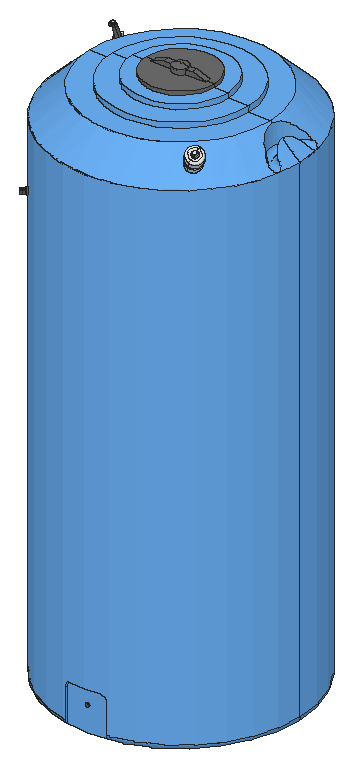
Revit family "QF-Storage_Tank-OptiPure-300G_RP", category Specialty Equipment, Revit 2017
Family settings
  Round Connector Dimension = Use Diameter
  Part Type = Normal
  OmniClass Number = 23.40.40.14
  OmniClass Title = Food Service Equipment
  Work Plane-Based = No
  Always vertical = Yes
  Cut with Voids When Loaded = No
  Shared = No
  Room Calculation Point = No
Parameters (values of type "300G_RP")
  Width = 35.60"
  URL = "WWW.OPTIPUREWATER.COM"
  Material = Blue Plastic
  Model = "164-80300 - TANK SYS - 300G RP"
  Manufacturer = "OPTIPURE"
  Length = 35.60156"
  Keynote = "11400"
  Material 2 = Black Plastic
  Height = 79.85938"
  Filtered Water Supply Size = 1/2"
  Filtered Water In = 0.375"
  Description = "STORAGE TANK"
  Assembly Code = "E1090300"
Reference planes (in)
  plane 1 "Center (Front/Back)": y = 0
  plane 2: z = 0
  plane 3 "Center (Left/Right)": x = 0
  plane 4 "Left": x = -17.5
  plane 5 "Back": y = 17.5
  plane 6 "Front": y = -17.5
  plane 7 "Top": z = 80.5
  plane 8: z = 0
  plane 9: z = 73.5
  plane 10 "Sweep": z = 77.5
  plane 11: z = 78.25
  plane 12 "Right": x = 17.5
Forms (in)
  Revolve 1, solid, material "Blue Plastic" <- "Material"
    sketch origin (0, 0, 0) x (1, 0, 0) y (0, 0, 1)
      loop
        arc (-17.5, 0.75) -> (-17.28033, 0.21968) -> (-16.75, 0) r 0.75
        line (-16.75, 0) -> (0, -0.00001) -> (0, 73.5) -> (-17.5, 73.5) -> (-17.5, 0.75)
      axis (0, 73.5) -> (0, -0.00001)
    angle from 0 to 360
  Revolve 2, solid, material "Blue Plastic" <- "Material"
    sketch origin (0, 0, 19.45) x (1, 0, 0) y (0, 0, 1)
      loop
        line (-17.5, 54.05) -> (0, 54.05) -> (0, 58.55) -> (0, 58.8) -> (0, 59.55) -> (-7, 59.55) -> (-7, 58.8) -> (-10, 58.8) -> (-10, 58.05) -> (-13.25, 58.05) -> (-17.5, 54.05)
      axis (0, 59.55) -> (0, 54.05)
    angle from 0 to 360
  Revolve 3, solid, material "Blue Plastic" <- "Material"
    sketch origin (0, 0, 42.86539) x (1, 0, 0) y (0, 0, 1)
      loop
        line (-5, 36.13461) -> (0, 36.13461) -> (0, 37.6305)
        arc (0, 37.6305) -> (-0.58114, 37.55925) -> (-1.09706, 37.28244) r 1.58948
        line (-1.09706, 37.28244) -> (-1.09706, 36.63461) -> (-5, 36.63461) -> (-5, 36.13461)
      axis (0, 37.6305) -> (0, 36.13461)
    angle from 0 to 360
  Extrusion 4, solid, material "Blue Plastic" <- "Material"
    sketch origin (0.03221, 0, 43.52977) x (1, 0, 0) y (0, 0, 1)
      loop
        line (-1.12927, 35.9718) -> (-1.12927, 36.61806) -> (-2.12927, 36.61806) -> (-4.02447, 35.9718) -> (-1.12927, 35.9718)
      loop
        line (1.06486, 36.61806) -> (1.06486, 35.9718) -> (3.96005, 35.9718) -> (2.06486, 36.61806) -> (1.06486, 36.61806)
    from -0.43096 to 0.45567
  Extrusion 5, void
    sketch origin (0, 15.5, 83.8763) x (-1, 0, 0) y (0, 0, 1)
      loop
        line (2.16093, -77.8763) -> (-2.16016, -77.8763)
        arc (-2.16016, -77.8763) -> (-2.75402, -78.12229) -> (-3, -78.71615) r 0.83984
        line (-3, -78.71615) -> (-3, -83.8763) -> (3, -83.8763) -> (3, -78.71538)
        arc (3, -78.71538) -> (2.75424, -78.12206) -> (2.16093, -77.8763) r 0.83907
    from 1.4951 to 2.5
  Extrusion 6, solid, material "Black Plastic" <- "Material 2", detail levels fine
    sketch origin (-12.82228, -11.00283, 64) x (0, 0, 1) y (0.64181, -0.766863, 0)
      loop
        line (-0.19356, 0.33526) -> (-0.38713, 0) -> (-0.19356, -0.33526) -> (0.19356, -0.33526) -> (0.38713, 0) -> (0.19356, 0.33526) -> (-0.19356, 0.33526)
    from -1.14485 to -0.96012
  Revolve 7, solid, material "Black Plastic" <- "Material 2", detail levels medium+fine
    sketch origin (-12.87197, -11.04442, 119.82683) x (-0.766863, -0.64181, 0) y (0, 0, 1)
      loop
        line (1.40521, -55.82683) -> (1.40521, -55.51445) -> (0.7992, -55.51445) -> (0.7992, -55.41869) -> (0.61864, -55.41869) -> (0.61864, -55.33115) -> (0.5393, -55.33115) -> (0.5393, -55.82683) -> (1.40521, -55.82683)
      axis (1.40521, -55.82683) -> (0.5393, -55.82683)
    angle from 0 to 360
  Extrusion 8, solid, material "Black Plastic" <- "Material 2", detail levels fine
    sketch origin (-12.99777, -11.14971, 64) x (0, 0, 1) y (0.64181, -0.766863, 0)
      loop
        line (-0.19356, 0.33526) -> (-0.38713, 0) -> (-0.19356, -0.33526) -> (0.19356, -0.33526) -> (0.38713, 0) -> (0.19356, 0.33526) -> (-0.19356, 0.33526)
    from -1.24115 to -0.96012
  Extrusion 9, solid, material "Black Plastic" <- "Material 2", detail levels medium+fine
    sketch origin (20.78, -16.9951, 84.50716) x (-1, 0, 0) y (0, 0, -1)
      loop
        circle (20.78, 80.8463) r 0.25
    from 0 to 0.05
  Extrusion 10, solid, material "Black Plastic" <- "Material 2", detail levels medium+fine
    sketch origin (-16.44105, 8.37662, 74.26805) x (-0.611126, 0.310241, 0.7282) y (0.465849, 0.884753, 0.014015)
      loop
        circle (0, 0) r 0.1875
    from 0 to 0.05
  Extrusion 11, void
    sketch origin (0, -15.5, 83.8763) x (-1, 0, 0) y (0, 0, -1)
      loop
        arc (2.16093, 77.8763) -> (2.75424, 78.12206) -> (3, 78.71538) r 0.83907
        line (3, 78.71538) -> (3, 83.8763) -> (-3, 83.8763) -> (-3, 78.71615)
        arc (-3, 78.71615) -> (-2.75402, 78.12229) -> (-2.16016, 77.8763) r 0.83984
        line (-2.16016, 77.8763) -> (2.16093, 77.8763)
    from 1.4951 to 2.5
  Sweep 12, void
    path origin (0, 0, 77.5) x (-1, 0, 0) y (0, -1, 0)
      loop
        spline (-17.5, -3.5) -> (-16.65884, -3.38074) -> (-15.875, -3.03109) -> (-15.2019, -2.47487) -> (-14.68542, -1.75) -> (-14.36074, -0.90587) -> (-14.25, 0) -> (-14.36074, 0.90587) -> (-14.68542, 1.75) -> (-15.2019, 2.47487) -> (-15.875, 3.03109) -> (-16.65884, 3.38074) -> (-17.5, 3.5)
    profile origin (14.25, 0, 77.5) x (1, 0, 0) y (0, 0, 1)
      loop
        line (0, 0) -> (-0.75, 0) -> (-0.75, -3.25)
        arc (-0.75, -3.25) -> (0, -4) -> (0.75, -3.25) r 0.75
        line (0.75, -3.25) -> (0.75, 0) -> (0, 0)
  Sweep 13, void
    path origin (0, 0, 77.5) x (1, 0, 0) y (0, -1, 0)
      loop
        spline (-17.5, -3.5) -> (-16.65884, -3.38074) -> (-15.875, -3.03109) -> (-15.2019, -2.47487) -> (-14.68542, -1.75) -> (-14.36074, -0.90587) -> (-14.25, 0) -> (-14.36074, 0.90587) -> (-14.68542, 1.75) -> (-15.2019, 2.47487) -> (-15.875, 3.03109) -> (-16.65884, 3.38074) -> (-17.5, 3.5)
    profile origin (-14.25, 0, 77.5) x (1, 0, 0) y (0, 0, 1)
      loop
        line (0, 0) -> (-0.75, 0) -> (-0.75, -3.25)
        arc (-0.75, -3.25) -> (0, -4) -> (0.75, -3.25) r 0.75
        line (0.75, -3.25) -> (0.75, 0) -> (0, 0)
Cuts and joins
  Extrusion 5, Extrusion 11, Sweep 13 cuts Revolve 1
  Sweep 12, Sweep 13 cuts Revolve 2
Lines and regions (in)
  symbolic lines
    curve 1: arc (17.5, 0, 72.865) -> (0, 17.5, 72.865) -> (-17.5, 0, 72.865) r 17.5
    curve 2: arc (-17.5, 0, 72.865) -> (0, -17.5, 72.865) -> (17.5, 0, 72.865) r 17.5
    curve 3: arc (-13.25, 0, 72.865) -> (0, 13.25, 72.865) -> (13.25, 0, 72.865) r 13.25
    curve 4: arc (13.25, 0, 72.865) -> (0, -13.25, 72.865) -> (-13.25, 0, 72.865) r 13.25
    curve 5: arc (-5, 0, 72.865) -> (0, 5, 72.865) -> (5, 0, 72.865) r 5
    curve 6: arc (5, 0, 72.865) -> (0, -5, 72.865) -> (-5, 0, 72.865) r 5
    curve 7: arc (-10, 0, 72.865) -> (0, 10, 72.865) -> (10, 0, 72.865) r 10
    curve 8: arc (10, 0, 72.865) -> (0, -10, 72.865) -> (-10, 0, 72.865) r 10
    curve 35: line (0, -16.76659, 0) -> (0, 16.7549, 0)
    curve 36: line (-16.7536, 0, 0) -> (16.75401, 0, 0)
  symbolic lines, detail levels medium+fine
    curve 9: arc (7, 0, 72.865) -> (0, -7, 72.865) -> (-7, 0, 72.865) r 7
    curve 10: arc (-7, 0, 72.865) -> (0, 7, 72.865) -> (7, 0, 72.865) r 7
    curve 11: line (3.99226, -0.45567, 72.865) -> (1.09706, -0.45567, 72.865)
    curve 12: line (-3.99226, 0.43096, 72.865) -> (-1.09706, 0.43096, 72.865)
    curve 13: line (-3.99226, -0.45567, 72.865) -> (-3.99226, 0.43096, 72.865)
    curve 14: line (3.99226, 0.43096, 72.865) -> (3.99226, -0.45567, 72.865)
    curve 15: arc (-1.09706, 0, 72.865) -> (0, 1.09706, 72.865) -> (1.09706, 0, 72.865) r 1.09706
    curve 16: arc (1.09706, 0, 72.865) -> (0, -1.09706, 72.865) -> (-1.09706, 0, 72.865) r 1.09706
    curve 17: line (1.09706, 0.43096, 72.865) -> (3.99226, 0.43096, 72.865)
    curve 18: line (-1.09706, -0.45567, 72.865) -> (-3.99226, -0.45567, 72.865)
    curve 23: line (-16.21131, 4.02342, 77.5) -> (-16.21131, -4.02342, 77.5)
    curve 24: line (-16.21131, -4.02342, 77.5) -> (-17.15057, -3.47966, 77.5)
    curve 25: line (-17.15057, -3.47966, 77.5) -> (-16.51113, -2.52529, 77.5)
    curve 26: line (-16.51113, 2.52529, 77.5) -> (-16.51113, -2.52529, 77.5)
    curve 27: line (-16.51113, 2.52529, 77.5) -> (-17.15057, 3.47966, 77.5)
    curve 28: line (-17.15057, 3.47966, 77.5) -> (-16.21131, 4.02342, 77.5)
    curve 29: line (16.21131, 4.02342, 77.5) -> (17.15059, 3.47957, 77.5)
    curve 30: line (16.21131, 4.02342, 77.5) -> (16.21131, -4.02342, 77.5)
    curve 31: line (17.15059, -3.47957, 77.5) -> (16.21131, -4.02342, 77.5)
    curve 32: line (16.51113, -2.52529, 77.5) -> (17.15059, -3.47957, 77.5)
    curve 33: line (16.51113, 2.52529, 77.5) -> (16.51113, -2.52529, 77.5)
    curve 34: line (17.15059, 3.47957, 77.5) -> (16.51113, 2.52529, 77.5)
  symbolic lines, detail levels fine
    curve 19: line (-2.09706, 0.43096, 72.865) -> (-2.09706, -0.45567, 72.865)
    curve 20: line (2.09706, 0.43096, 72.865) -> (2.09706, -0.45567, 72.865)
    curve 21: line (-1.09706, 0.43096, 72.865) -> (-1.09706, -0.45567, 72.865)
    curve 22: line (1.09706, 0.43096, 72.865) -> (1.09706, -0.45567, 72.865)
Dimensions and locks (in)
  plane 7 "Top" to plane 2 = 80.50"
  plane 9 to level = 73.50"
  plane 10 "Sweep" to level = 77.50"
  plane 4 "Left" to plane 12 "Right" = 35.00"
  level to plane 7 "Top" = 80.50"
  level to plane 10 "Sweep" = 77.50"
  level to plane 9 = 73.50"
  level to cut or joined group of Revolve 1, Extrusion 5, Extrusion 11, Sweep 13 = 6.00"
  level to Extrusion 9 sketch curve = 3.66086"
  aligned and locked: plane 2 to level
  aligned and locked: Revolve 1 sketch curve to plane 9
  aligned and locked: Revolve 2 sketch curve to plane 9
Nested families (in)
  nested 1: "Family1" at (10.81797, -11.30557, 75.57458) x (-0.0719, -0.8459, -0.5285) z (0.4738, -0.4952, 0.7282), type "Family1", detail levels medium+fine
  nested 2: "Family2" at (-14.85632, 7.54187, 74.28961) x (0.6399, -0.3478, 0.6852) z (-0.6111, 0.3102, 0.7282), type "Family2", detail levels medium+fine
Connectors (in)
  piping at (0, -17.0451, 3.66086), diameter 0.5, driven by "Filtered Water Supply Size"
    settings: on Extrusion 9, index 1, connector inside diameter 24", connector length 0.00", flow factor 0, pipe flow 0 GPM, pressure drop 0.00 psi, fitting loss kfactor 0, connector angle 0.00°, fixture units 0, engagement length 0.00", angle of deflection 0.00°, flow configuration 2, flow direction 2, fitting loss method 0, system type 22, joint type 0, gender type 0, connector reference index -1, connector utility 0, adjustable connector no, is connector primary yes, connector description "Plumbing"
  piping at (-16.47305, 8.39401, 74.23379), diameter 0.375, driven by "Filtered Water In"
    settings: on Extrusion 10, index 3, connector inside diameter 24", connector length 0.00", flow factor 0, pipe flow 0 GPM, pressure drop 0.00 psi, fitting loss kfactor 0, connector angle 0.00°, fixture units 0, engagement length 0.00", angle of deflection 0.00°, flow configuration 2, flow direction 1, fitting loss method 0, system type 22, joint type 0, gender type 0, connector reference index -1, connector utility 0, adjustable connector no, is connector primary no, connector description "Plumbing"
Definition of nested family "Family1"
  Parameters (values of type "Family1")
    Plastic Material = none
    Default Elevation = 48.00"
  Reference planes (in)
    plane 1 "Center (Front/Back)": y = 0
    plane 2: z = 0
    plane 3 "Center (Left/Right)": x = 0
  Forms (in)
    Revolve 1, solid, material <- "Plastic Material"
      sketch origin (8.86816, 0, -35.11452) x (1, 0, 0) y (0, 0, 1)
        loop
          line (-9.27044, 35.87257) -> (-9.27035, 35.80261) -> (-9.16548, 35.80261) -> (-9.16548, 35.75597) -> (-9.28208, 35.75597) -> (-9.28208, 35.7252) -> (-9.41038, 35.7252) -> (-9.41038, 35.32225) -> (-9.55044, 35.19614) -> (-9.55044, 35.11452) -> (-8.86816, 35.11452) -> (-8.86816, 35.87257) -> (-9.27044, 35.87257)
        axis (-8.86816, 35.11452) -> (-8.86816, 35.87257)
      angle from 0 to 360
    Revolve 2, solid, material <- "Plastic Material"
      sketch origin (-8.99153, 0, -35.30043) x (1, 0, 0) y (0, 0, 1)
        loop
          line (7.85326, 38.35663) -> (7.77164, 38.35662) -> (7.77164, 38.12328) -> (7.85326, 38.12328) -> (7.85326, 36.72398)
          arc (7.85326, 36.72398) -> (7.90459, 36.5605) -> (8.04014, 36.45568) r 0.28604
          arc (8.04014, 36.45568) -> (8.19281, 36.42956) -> (8.34304, 36.4673) r 0.37535
          line (8.34304, 36.4673) -> (8.4388, 36.48797)
          arc (8.4388, 36.48797) -> (8.71637, 36.58024) -> (9.00436, 36.63146) r 2.02018
          line (9.00436, 36.63146) -> (9.00436, 39.84938)
          arc (9.00436, 39.84938) -> (8.89307, 39.84063) -> (8.78148, 39.8377) r 2.13222
          line (8.78148, 39.8377) -> (8.14481, 39.8377)
          arc (8.14481, 39.8377) -> (7.93872, 39.75235) -> (7.85335, 39.54627) r 0.29146
          line (7.85335, 39.54627) -> (7.85326, 38.35663)
        axis (9.00436, 39.84938) -> (9.00436, 36.45568)
      angle from 0 to 360
    Revolve 3, solid, material <- "Plastic Material"
      sketch origin (-8.99153, 0, -35.30043) x (1, 0, 0) y (0, 0, 1)
        loop
          line (8.54856, 39.8377) -> (8.99153, 39.8377) -> (8.99153, 40.32768) -> (8.71971, 40.32767) -> (8.71184, 39.98931) -> (8.60688, 39.98931) -> (8.6069, 39.89604) -> (8.58357, 39.86104) -> (8.54856, 39.8377)
        axis (8.99153, 39.8377) -> (8.99153, 40.32768)
      angle from 0 to 360
    Revolve 4, solid
      sketch origin (-8.99153, 0, 41.17948) x (1, 0, 0) y (0, 0, 1)
        loop
          line (8.72116, -40.42143) -> (8.99153, -40.42143) -> (8.99153, -39.98931) -> (8.71184, -39.98931) -> (8.66468, -39.98931) -> (8.66468, -40.08343) -> (8.66468, -40.1231) -> (8.71422, -40.1231) -> (8.72116, -40.42143)
        axis (8.99153, -39.98931) -> (8.99153, -40.42143)
      angle from 0 to 360
  Dimensions and locks (in)
    aligned and locked: plane 2 to level
Definition of nested family "Family2"
  Parameters (values of type "Family2")
    Red Pipe = none
    Motar Material = none
    Default Elevation = 48.00"
    Connector Material = none
    Blue Pipe = none
  Reference planes (in)
    plane 1 "Center (Front/Back)": y = 0
    plane 2: z = 0
    plane 3 "Center (Left/Right)": x = 0
  Forms (in)
    Revolve 1, solid, material <- "Motar Material"
      sketch origin (11.10789, 0, -77.01772) x (1, 0, 0) y (0, 0, 1)
        loop
          line (-11.53708, 77.01772) -> (-11.10789, 77.01772) -> (-11.10789, 79.53946) -> (-11.34722, 79.53946) -> (-11.34722, 79.49876) -> (-11.24852, 79.49876) -> (-11.24852, 79.45945) -> (-11.34722, 79.45945) -> (-11.34722, 79.41875) -> (-11.24852, 79.41875) -> (-11.24852, 79.34135) -> (-11.36068, 79.34135) -> (-11.36068, 79.03292) -> (-11.42308, 79.03292) -> (-11.42308, 77.66737) -> (-11.26913, 77.66737) -> (-11.26913, 77.35378) -> (-11.42308, 77.35378) -> (-11.42308, 77.11399) -> (-11.53708, 77.11399) -> (-11.53708, 77.01772)
        axis (-11.10789, 77.01772) -> (-11.10789, 79.53946)
      angle from 0 to 360
    Sweep 2, solid, material <- "Connector Material"
      path origin (8.70956, 0, -77.01772) x (1, 0, 0) y (0, 0, 1)
        loop
          line (-8.70956, 79.53946) -> (-8.70956, 79.63039)
          arc (-8.70956, 79.63039) -> (-8.77682, 79.79275) -> (-8.93918, 79.86) r 0.22961
          line (-8.93918, 79.86) -> (-9.23691, 79.86)
      profile origin (0, 0, 2.5672) x (-1, 0, 0) y (0, -1, 0)
        loop
          circle (0, 0) r 0.16724
    Revolve 3, solid, material <- "Red Pipe"
      sketch origin (8.70956, 0, -77.01772) x (1, 0, 0) y (0, 0, 1)
        loop
          line (-9.3005, 80.08348) -> (-9.8005, 80.08348) -> (-9.8005, 79.86) -> (-9.23691, 79.86) -> (-9.23691, 80.02724)
          arc (-9.23691, 80.02724) -> (-9.25805, 80.0674) -> (-9.3005, 80.08348) r 0.06407
        axis (-9.23691, 79.86) -> (-9.8005, 79.86)
      angle from 0 to 360
    Extrusion 4, solid, material <- "Motar Material"
      sketch origin (0, 0, 0.33606) x (0, 1, 0) y (-1, 0, 0)
        loop
          line (0.18197, -0.31519) -> (0.36394, 0) -> (0.18197, 0.31519) -> (-0.18197, 0.31519) -> (-0.36394, 0) -> (-0.18197, -0.31519) -> (0.18197, -0.31519)
      from 0.31358 to 0.096
    Extrusion 5, solid, material <- "Connector Material"
      sketch origin (8.70956, 0, -77.83022) x (1, 0, 0) y (0, 0, 1)
        loop
          circle (-8.70142, 79.04096) r 0.13494
      from -0.23982 to -0.45553
    Extrusion 6, solid, material <- "Blue Pipe"
      sketch origin (8.70956, 0, -77.83022) x (1, 0, 0) y (0, 0, 1)
        loop
          line (-8.70142, 79.2623) -> (-9.42836, 79.16014)
          arc (-9.42836, 79.16014) -> (-9.52638, 79.05418) -> (-9.44219, 78.93694) r 0.11412
          line (-9.44219, 78.93694) -> (-8.70142, 78.81962)
          arc (-8.70142, 78.81962) -> (-8.48008, 79.04096) -> (-8.70142, 79.2623) r 0.22134
      from -0.42589 to -0.62607
    Revolve 7, solid, material <- "Motar Material"
      sketch origin (8.70956, 0, -77.83022) x (1, 0, 0) y (0, 0, 1)
        loop
          line (-8.76794, 79.04196) -> (-8.76794, 79.29196) -> (-9.47652, 79.29196) -> (-9.47652, 79.22927) -> (-9.72652, 79.22927)
          arc (-9.72652, 79.22927) -> (-9.74609, 79.22116) -> (-9.75419, 79.20159) r 0.02768
          line (-9.75419, 79.20159) -> (-9.99699, 79.20159) -> (-9.99699, 79.24012) -> (-10.02878, 79.24012) -> (-10.02878, 79.04196) -> (-8.76794, 79.04196)
        axis (-8.76794, 79.04196) -> (-10.02878, 79.04196)
      angle from 0 to 360
  Dimensions and locks (in)
    aligned and locked: plane 2 to level
